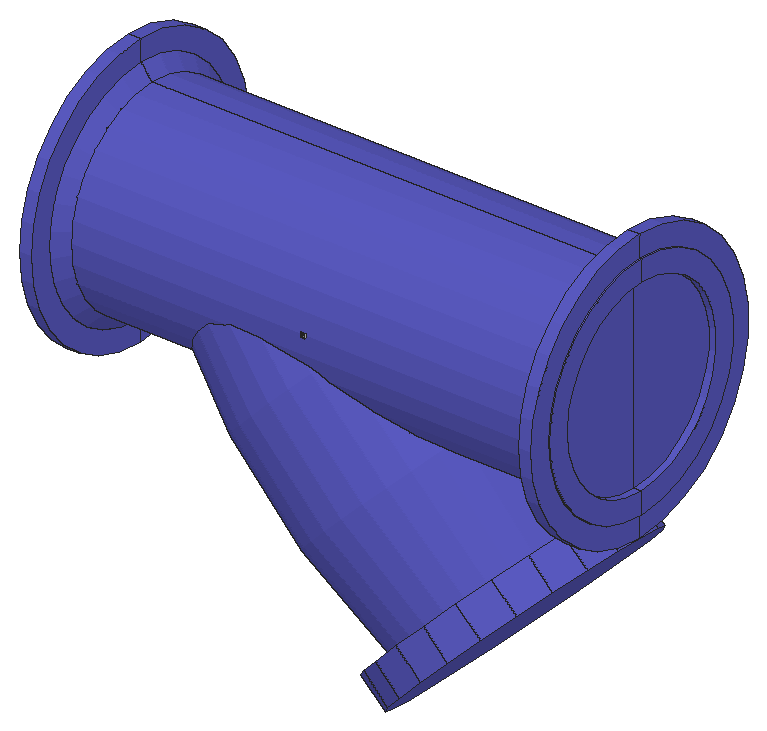
Revit family "Фильтр-грязевик 4111", category Rohrzubehör, Revit 2021
Family settings
  Bemaßung runder Anschluss = Durchmesser verwenden
  Teiletyp = Unterbricht
  OmniClass-Nummer = 23.65.55.14
  OmniClass-Titel = Valves for Liquid Services
  Arbeitsebenenbasiert = Nein
  Immer vertikal = Ja
  Beim Laden mit Abzugskörper schneiden = Nein
  Gemeinsam genutzt = Nein
Parameters
  Уплотнения = "Klingerit"  # constant formula
  Среда = "Качество теплоносителя в соответствии с ÖNORM H5195 и/или предписаниями VDI-Standard 2035.\r\nРазрешается использование смеси этилен или пропиленгликоля в соотношении 25-50% с водой."
  Область применения = "Применяются в системах тепло- и холодоснабжения."
  Номер заказа [instance] = size_lookup("4111_F_", "Artnr", 0, Nennweite)  # 4411190
  Мин. рабочая температура = -10 °C  # constant formula
  Макс. рабочая температура = 120 °C  # constant formula
  Корпус = "GG25"  # constant formula
  Вес [instance] = size_lookup("4111_F_", "Gew", 0, Nennweite)  # 505
  Болты [instance] = if(Nennweite = 50.000 mm, "4x M16x60", if(Nennweite = 65.000 mm, "4x M16x60", if(Nennweite = 80.000 mm, "8x M16x65", if(Nennweite = 100.000 mm, "8x M16x65", if(Nennweite = 125.000 mm, "8x M16x70", if(Nennweite = 150.000 mm, "8x M20x70", if(Nennweite = 200.000 mm, "12x M20x75", if(Nennweite = 250.000 mm, "12x M24x85", if(Nennweite = 300.000 mm, "12x M24x85", if(Nennweite = 350.000 mm, "16x M24x90", "16x M27x100"))))))))))  # "16x M27x100"
  Vorgabe-Ansicht = 0.000 mm
  PN = 1600000.0 Pa  # constant formula
  kvs [instance] = if(Nennweite = 50.000 mm, 51, if(Nennweite = 65.000 mm, 70, if(Nennweite = 80.000 mm, 114, if(Nennweite = 100.000 mm, 197, if(Nennweite = 125.000 mm, 271, if(Nennweite = 150.000 mm, 349, if(Nennweite = 200.000 mm, 449, if(Nennweite = 250.000 mm, 994, if(Nennweite = 300.000 mm, 1566, if(Nennweite = 350.000 mm, 2461, 3645))))))))))  # 3645
  Крепление фильтрующего элемента = "Нержавеющая сталь"  # constant formula
  W02 = 45.00°  # constant formula
  W01 = 140.00°  # constant formula
  Уплотнение заглушки = "Медь"  # constant formula
  Заглушка = "Сталь St37"  # constant formula
  URL = "www.herz-armaturen.ru"
  SCRNSEQ = "AWI;AWI_TYP=\"1011\";2"
  SCRNCODE = "05;15;02"  # constant formula
  S01 [instance] = 2 * FLD01  # 580.000 mm
  R02 [instance] = size_lookup("4111_F_", "R2", 1.000 mm, Nennweite)  # 221.000 mm
  R01 [instance] = size_lookup("4111_F_", "R1", 1.000 mm, Nennweite)  # 250.000 mm
  Nennweite [instance] = 400.000 mm
  L02 [instance] = size_lookup("4111_F_", "L2", 1.000 mm, Nennweite)  # 301.000 mm
  Hersteller = "HERZ Armaturen Ges.m.b.H."  # constant formula
  L01 [instance] = size_lookup("4111_F_", "L1", 1.000 mm, Nennweite)  # 550.000 mm
  H01 [instance] = size_lookup("4111_F_", "H1", 1.000 mm, Nennweite)  # 479.500 mm
  Фильтрующий элемент (DN50-DN80) = "AISI 304, размер ячейки 600 мкм"  # constant formula
  Фильтрующий элемент (DN100-DN400) = "AISI 304, размер ячейки 1500 мкм"  # constant formula
  FLL02 [instance] = size_lookup("4111_F_", "FLL2", 1.000 mm, Nennweite)  # 30.000 mm
  FLL01 [instance] = size_lookup("4111_F_", "FLL1", 1.000 mm, Nennweite)  # 4.000 mm
  FLD02 [instance] = size_lookup("4111_F_", "FLD2", 1.000 mm, Nennweite)  # 245.000 mm
  FLD01 [instance] = size_lookup("4111_F_", "FLD1", 1.000 mm, Nennweite)  # 290.000 mm
  DN80 [instance] = Nennweite = 80.000 mm  # no
  DN65 [instance] = Nennweite = 65.000 mm  # no
  DN50 [instance] = Nennweite = 50.000 mm  # no
  DN400 [instance] = Nennweite = 400.000 mm  # yes
  DN350 [instance] = Nennweite = 350.000 mm  # no
  DN300 [instance] = Nennweite = 300.000 mm  # no
  DN250 [instance] = Nennweite = 250.000 mm  # no
  DN200 [instance] = Nennweite = 200.000 mm  # no
  DN150 [instance] = Nennweite = 150.000 mm  # no
  DN125 [instance] = Nennweite = 125.000 mm  # no
  DN100 [instance] = Nennweite = 100.000 mm  # no
  DN [instance] = Nennweite / 2  # 200.000 mm
  D01 [instance] = size_lookup("4111_F_", "D1", 1.000 mm, Nennweite)  # 216.000 mm
  Крышка = "GG25"  # constant formula
Reference planes
  plane 1 "Mitte (Vorne/hinten)": y = 0
  plane 2: z = 0
  plane 3 "Mitte (Links/rechts)": x = 0
Forms (mm)
  Revolve 1, solid, material "Herz-Marineblau", detail levels fine
    sketch origin (0, 0, 0) x (1, 0, 0) y (0, 0, 1)
      loop
        line (-546, 245) -> (-550, 245) -> (-550, 200) -> (-533.79, 200) -> (-533.79, 0) -> (533.79, 0) -> (533.79, 200) -> (550, 200) -> (550, 245) -> (546, 245) -> (546, 290) -> (520, 290) -> (520, 234.5) -> (504.477, 216) -> (-495.666, 216) -> (-520, 245) -> (-520, 290) -> (-546, 290) -> (-546, 245)
      axis (-550, 0) -> (550, 0)
    angle from 0 to 360
  Revolve 2, solid, material "Herz-Marineblau", detail levels fine
    sketch origin (0, 0, 0) x (1, 0, 0) y (0, 0, 1)
      loop
        line (-230.5, 0) -> (-371.921, -141.421)
        arc (-371.921, -141.421) -> (-167.867, -415.168) -> (92.729, -635.771) r 1502.314
        line (92.729, -635.771) -> (249, -479.5) -> (-230.5, 0)
      axis (-230.5, 0) -> (249, -479.5)
    angle from 0 to 360
  Extrusion 3, solid, material "Herz-Marineblau", visible <- "DN50", detail levels fine
    sketch origin (12, 0, -74) x (0, 1, 0) y (0.707107, 0, 0.707107)
      loop
        arc (50, 40) -> (47.071, 47.071) -> (40, 50) r 10
        line (40, 50) -> (-40, 50)
        arc (-40, 50) -> (-47.071, 47.071) -> (-50, 40) r 10
        line (-50, 40) -> (-50, -40)
        arc (-50, -40) -> (-47.071, -47.071) -> (-40, -50) r 10
        line (-40, -50) -> (40, -50)
        arc (40, -50) -> (47.071, -47.071) -> (50, -40) r 10
        line (50, -40) -> (50, 40)
    from 30.5 to 0
  Extrusion 4, solid, material "Herz-Marineblau", visible <- "DN65", detail levels fine
    sketch origin (17, 0, -102.5) x (0, 1, 0) y (0.707107, 0, 0.707107)
      loop
        line (-60, 40) -> (-60, -40)
        arc (-60, -40) -> (-54.142, -54.142) -> (-40, -60) r 20
        line (-40, -60) -> (40, -60)
        arc (40, -60) -> (54.142, -54.142) -> (60, -40) r 20
        line (60, -40) -> (60, 40)
        arc (60, 40) -> (54.142, 54.142) -> (40, 60) r 20
        line (40, 60) -> (-40, 60)
        arc (-40, 60) -> (-54.142, 54.142) -> (-60, 40) r 20
    from 33 to 0
  Extrusion 5, solid, material "Herz-Marineblau", visible <- "DN80", detail levels fine
    sketch origin (44, 0, -118) x (0, 1, 0) y (0.707107, 0, 0.707107)
      loop
        line (-67, 47) -> (-67, -47)
        arc (-67, -47) -> (-61.142, -61.142) -> (-47, -67) r 20
        line (-47, -67) -> (47, -67)
        arc (47, -67) -> (61.142, -61.142) -> (67, -47) r 20
        line (67, -47) -> (67, 47)
        arc (67, 47) -> (61.142, 61.142) -> (47, 67) r 20
        line (47, 67) -> (-47, 67)
        arc (-47, 67) -> (-61.142, 61.142) -> (-67, 47) r 20
    from 34 to 0
  Extrusion 6, solid, material "Herz-Marineblau", visible <- "DN100", detail levels fine
    sketch origin (43, -449.258, -142) x (0, 1, 0) y (0.707107, 0, 0.707107)
      loop
        line (544.008, 0) -> (531.314, 47.375) -> (496.633, 82.056) -> (449.258, 94.75) -> (401.883, 82.056) -> (367.203, 47.375) -> (354.508, 0) -> (367.203, -47.375) -> (401.883, -82.056) -> (449.258, -94.75) -> (496.633, -82.056) -> (531.314, -47.375) -> (544.008, 0)
    from 35.5 to 0
  Extrusion 7, solid, material "Herz-Marineblau", visible <- "DN125", detail levels fine
    sketch origin (54, -422.813, -170) x (0, 1, 0) y (0.707107, 0, 0.707107)
      loop
        line (535.313, 0) -> (520.241, 56.25) -> (479.063, 97.428) -> (422.813, 112.5) -> (366.563, 97.428) -> (325.386, 56.25) -> (310.313, 0) -> (325.386, -56.25) -> (366.563, -97.428) -> (422.813, -112.5) -> (479.063, -97.428) -> (520.241, -56.25) -> (535.313, 0)
    from 44.5 to 0
  Extrusion 8, solid, material "Herz-Marineblau", visible <- "DN150", detail levels fine
    sketch origin (61.5, -490.074, -187.5) x (0, 1, 0) y (0.707107, 0, 0.707107)
      loop
        line (621.324, 0) -> (603.739, 65.625) -> (555.699, 113.666) -> (490.074, 131.25) -> (424.449, 113.666) -> (376.408, 65.625) -> (358.824, 0) -> (376.408, -65.625) -> (424.449, -113.666) -> (490.074, -131.25) -> (555.699, -113.666) -> (603.739, -65.625) -> (621.324, 0)
    from 44.7 to 0
  Extrusion 9, solid, material "Herz-Marineblau", visible <- "DN200", detail levels fine
    sketch origin (82, -429.19, -249) x (0, 1, 0) y (0.707107, 0, 0.707107)
      loop
        line (588.19, 0) -> (566.888, 79.5) -> (508.69, 137.698) -> (429.19, 159) -> (349.69, 137.698) -> (291.492, 79.5) -> (270.19, 0) -> (291.492, -79.5) -> (349.69, -137.698) -> (429.19, -159) -> (508.69, -137.698) -> (566.888, -79.5) -> (588.19, 0)
    from 47 to 0
  Extrusion 10, solid, material "Herz-Marineblau", visible <- "DN250", detail levels fine
    sketch origin (109.5, -496.545, -300) x (0, 1, 0) y (0.707107, 0, 0.707107)
      loop
        line (686.545, 0) -> (680.071, 49.176) -> (661.09, 95) -> (630.895, 134.35) -> (591.545, 164.545) -> (545.72, 183.526) -> (496.545, 190) -> (447.369, 183.526) -> (401.545, 164.545) -> (362.194, 134.35) -> (332, 95) -> (313.019, 49.176) -> (306.545, 0) -> (313.019, -49.176) -> (332, -95) -> (362.194, -134.35) -> (401.545, -164.545) -> (447.369, -183.526) -> (496.545, -190) -> (545.72, -183.526) -> (591.545, -164.545) -> (630.895, -134.35) -> (661.09, -95) -> (680.071, -49.176) -> (686.545, 0)
    from 56.5 to 0
  Extrusion 11, solid, material "Herz-Marineblau", visible <- "DN300", detail levels fine
    sketch origin (82, 617.078, -333) x (0, 1, 0) y (0.707107, 0, 0.707107)
      loop
        line (-390.078, 0) -> (-397.813, 58.752) -> (-420.49, 113.5) -> (-456.565, 160.513) -> (-503.578, 196.588) -> (-558.326, 219.265) -> (-617.078, 227) -> (-675.83, 219.265) -> (-730.578, 196.588) -> (-777.591, 160.513) -> (-813.666, 113.5) -> (-836.343, 58.752) -> (-844.078, 0) -> (-836.343, -58.752) -> (-813.666, -113.5) -> (-777.591, -160.513) -> (-730.578, -196.588) -> (-675.83, -219.265) -> (-617.078, -227) -> (-558.326, -219.265) -> (-503.578, -196.588) -> (-456.565, -160.513) -> (-420.49, -113.5) -> (-397.813, -58.752) -> (-390.078, 0)
    from 61 to 0
  Extrusion 12, solid, material "Herz-Marineblau", visible <- "DN350", detail levels fine
    sketch origin (211, 802.601, -476) x (0, 1, 0) y (0.707107, 0, 0.707107)
      loop
        line (-547.601, 0) -> (-556.29, 65.999) -> (-581.764, 127.5) -> (-622.288, 180.312) -> (-675.101, 220.836) -> (-736.602, 246.311) -> (-802.601, 255) -> (-868.6, 246.311) -> (-930.101, 220.836) -> (-982.913, 180.312) -> (-1023.437, 127.5) -> (-1048.912, 65.999) -> (-1057.601, 0) -> (-1048.912, -65.999) -> (-1023.437, -127.5) -> (-982.913, -180.312) -> (-930.101, -220.836) -> (-868.6, -246.311) -> (-802.601, -255) -> (-736.602, -246.311) -> (-675.101, -220.836) -> (-622.288, -180.312) -> (-581.764, -127.5) -> (-556.29, -65.999) -> (-547.601, 0)
    from 73 to 0
  Extrusion 13, solid, material "Herz-Marineblau", visible <- "DN400", detail levels fine
    sketch origin (249, 812.573, -479.5) x (0, 1, 0) y (0.707107, 0, 0.707107)
      loop
        line (-532.573, 0) -> (-542.114, 72.469) -> (-570.086, 140) -> (-614.583, 197.99) -> (-672.573, 242.487) -> (-740.104, 270.459) -> (-812.573, 280) -> (-885.042, 270.459) -> (-952.573, 242.487) -> (-1010.563, 197.99) -> (-1055.06, 140) -> (-1083.032, 72.469) -> (-1092.573, 0) -> (-1083.032, -72.469) -> (-1055.06, -140) -> (-1010.563, -197.99) -> (-952.573, -242.487) -> (-885.042, -270.459) -> (-812.573, -280) -> (-740.104, -270.459) -> (-672.573, -242.487) -> (-614.583, -197.99) -> (-570.086, -140) -> (-542.114, -72.469) -> (-532.573, 0)
    from 74 to 0
Lines and regions (mm)
  model lines, detail levels coarse+medium
    curve 1: line (-550, 0, 290) -> (550, 0, 290)
    curve 2: line (-550, 0, -290) -> (-550, 0, 290)
    curve 3: line (550, 0, -290) -> (-550, 0, -290)
    curve 4: line (550, 0, 290) -> (550, 0, -290)
    curve 5: line (550, 0, -290) -> (-550, 0, 290)
    curve 6: line (-550, 290, 0) -> (550, 290, 0)
    curve 7: line (-550, -290, 0) -> (-550, 290, 0)
    curve 8: line (550, -290, 0) -> (-550, -290, 0)
    curve 9: line (550, 290, 0) -> (550, -290, 0)
    curve 10: line (550, -290, 0) -> (-550, 290, 0)
Dimensions and locks
  "FLD01": Revolve 1 sketch curve to plane 2  (x2)
  "FLD02": Revolve 1 sketch curve to plane 2  (x3)
  "DN": Revolve 1 sketch curve to plane 2  (x2)
  "L01": Revolve 1 sketch curve to plane 3 "Mitte (Links/rechts)"  (x2)
  "FLL01": Revolve 1 sketch curve to Revolve 1 sketch curve  (x2)
  "FLL02": Revolve 1 sketch curve to Revolve 1 sketch curve  (x2)
  "D01": Revolve 1 sketch curve to plane 2  (x2)
  "H01": plane 2 to Revolve 2 sketch curve
  "L02": Revolve 2 sketch curve to Revolve 1
  "R02": Revolve 2 sketch curve to Revolve 2 sketch curve
  "DN": Revolve 2 sketch curve to Revolve 2 sketch curve
  "D01": nested 1 to plane 1 "Mitte (Vorne/hinten)"
  "L01": plane 3 "Mitte (Links/rechts)" to curve 2
  "L01": plane 3 "Mitte (Links/rechts)" to curve 4
  equal spacing: curve 5, plane 2, curve 3
  "S01": curve 1 to curve 3
  equal spacing: curve 8, plane 1 "Mitte (Vorne/hinten)", curve 6
  "S01": curve 8 to curve 6
  "L01": curve 7 to plane 3 "Mitte (Links/rechts)"
  "L01": plane 3 "Mitte (Links/rechts)" to curve 9
  "R01": Revolve 2 sketch curve to Revolve 2 sketch curve
  "W01": angle Revolve 1 sketch curve to Revolve 1 sketch curve  (x2)
  "W02": angle Revolve 2 sketch curve to plane 2
  aligned and locked: level to plane 2
Automatic sketch dimensions
  plane 1 "Mitte (Vorne/hinten)" to Extrusion 3 sketch curve = 50.000 mm
  Extrusion 3 sketch curve to Extrusion 3 sketch curve = 10.000 mm  (x3)
  Extrusion 3 sketch curve to plane 1 "Mitte (Vorne/hinten)" = 40.000 mm  (x2)
  Extrusion 3 sketch curve to Extrusion 3 sketch curve = 80.000 mm
  plane 1 "Mitte (Vorne/hinten)" to Extrusion 4 sketch curve = 60.000 mm
  Extrusion 4 sketch curve to Extrusion 4 sketch curve = 20.000 mm  (x3)
  Extrusion 4 sketch curve to plane 1 "Mitte (Vorne/hinten)" = 40.000 mm  (x2)
  Extrusion 4 sketch curve to Extrusion 4 sketch curve = 80.000 mm
  plane 1 "Mitte (Vorne/hinten)" to Extrusion 5 sketch curve = 67.000 mm
  Extrusion 5 sketch curve to Extrusion 5 sketch curve = 20.000 mm  (x3)
  Extrusion 5 sketch curve to plane 1 "Mitte (Vorne/hinten)" = 47.000 mm  (x2)
  Extrusion 5 sketch curve to Extrusion 5 sketch curve = 94.000 mm
  Extrusion 6 sketch curve to plane 1 "Mitte (Vorne/hinten)" = 0.000 mm  (x2)
  plane 1 "Mitte (Vorne/hinten)" to Extrusion 6 sketch curve = 47.375 mm  (x2)
  Extrusion 6 sketch curve to Extrusion 6 sketch curve = 34.681 mm  (x8)
  Extrusion 6 sketch curve to Extrusion 6 sketch curve = 12.694 mm  (x5)
  Extrusion 6 sketch curve to plane 1 "Mitte (Vorne/hinten)" = 47.375 mm  (x2)
  Extrusion 6 sketch curve to Extrusion 6 sketch curve = 47.375 mm  (x4)
  Extrusion 7 sketch curve to plane 1 "Mitte (Vorne/hinten)" = 0.000 mm  (x2)
  plane 1 "Mitte (Vorne/hinten)" to Extrusion 7 sketch curve = 56.250 mm  (x2)
  Extrusion 7 sketch curve to Extrusion 7 sketch curve = 41.178 mm  (x8)
  Extrusion 7 sketch curve to Extrusion 7 sketch curve = 15.072 mm  (x5)
  Extrusion 7 sketch curve to plane 1 "Mitte (Vorne/hinten)" = 56.250 mm  (x2)
  Extrusion 7 sketch curve to Extrusion 7 sketch curve = 56.250 mm  (x4)
  Extrusion 8 sketch curve to plane 1 "Mitte (Vorne/hinten)" = 0.000 mm  (x2)
  plane 1 "Mitte (Vorne/hinten)" to Extrusion 8 sketch curve = 65.625 mm  (x2)
  Extrusion 8 sketch curve to Extrusion 8 sketch curve = 48.041 mm  (x8)
  Extrusion 8 sketch curve to Extrusion 8 sketch curve = 17.584 mm  (x5)
  Extrusion 8 sketch curve to plane 1 "Mitte (Vorne/hinten)" = 65.625 mm  (x2)
  Extrusion 8 sketch curve to Extrusion 8 sketch curve = 65.625 mm  (x4)
  Extrusion 9 sketch curve to plane 1 "Mitte (Vorne/hinten)" = 0.000 mm  (x2)
  plane 1 "Mitte (Vorne/hinten)" to Extrusion 9 sketch curve = 79.500 mm  (x2)
  Extrusion 9 sketch curve to Extrusion 9 sketch curve = 58.198 mm  (x8)
  Extrusion 9 sketch curve to Extrusion 9 sketch curve = 21.302 mm  (x5)
  Extrusion 9 sketch curve to plane 1 "Mitte (Vorne/hinten)" = 79.500 mm  (x2)
  Extrusion 9 sketch curve to Extrusion 9 sketch curve = 79.500 mm  (x4)
  Extrusion 10 sketch curve to plane 1 "Mitte (Vorne/hinten)" = 0.000 mm  (x2)
  plane 1 "Mitte (Vorne/hinten)" to Extrusion 10 sketch curve = 49.176 mm  (x2)
  Extrusion 10 sketch curve to Extrusion 10 sketch curve = 45.824 mm  (x8)
  Extrusion 10 sketch curve to Extrusion 10 sketch curve = 39.350 mm  (x8)
  Extrusion 10 sketch curve to Extrusion 10 sketch curve = 30.195 mm  (x8)
  Extrusion 10 sketch curve to Extrusion 10 sketch curve = 18.981 mm  (x8)
  Extrusion 10 sketch curve to Extrusion 10 sketch curve = 6.474 mm  (x5)
  Extrusion 10 sketch curve to plane 1 "Mitte (Vorne/hinten)" = 49.176 mm  (x2)
  Extrusion 10 sketch curve to Extrusion 10 sketch curve = 49.176 mm  (x4)
  Extrusion 11 sketch curve to plane 1 "Mitte (Vorne/hinten)" = 0.000 mm  (x2)
  plane 1 "Mitte (Vorne/hinten)" to Extrusion 11 sketch curve = 58.752 mm  (x2)
  Extrusion 11 sketch curve to Extrusion 11 sketch curve = 54.748 mm  (x8)
  Extrusion 11 sketch curve to Extrusion 11 sketch curve = 47.013 mm  (x8)
  Extrusion 11 sketch curve to Extrusion 11 sketch curve = 36.075 mm  (x8)
  Extrusion 11 sketch curve to Extrusion 11 sketch curve = 22.677 mm  (x8)
  Extrusion 11 sketch curve to Extrusion 11 sketch curve = 7.735 mm  (x5)
  Extrusion 11 sketch curve to plane 1 "Mitte (Vorne/hinten)" = 58.752 mm  (x2)
  Extrusion 11 sketch curve to Extrusion 11 sketch curve = 58.752 mm  (x4)
  Extrusion 12 sketch curve to plane 1 "Mitte (Vorne/hinten)" = 0.000 mm  (x2)
  plane 1 "Mitte (Vorne/hinten)" to Extrusion 12 sketch curve = 65.999 mm  (x2)
  Extrusion 12 sketch curve to Extrusion 12 sketch curve = 61.501 mm  (x8)
  Extrusion 12 sketch curve to Extrusion 12 sketch curve = 52.812 mm  (x8)
  Extrusion 12 sketch curve to Extrusion 12 sketch curve = 40.524 mm  (x8)
  Extrusion 12 sketch curve to Extrusion 12 sketch curve = 25.475 mm  (x8)
  Extrusion 12 sketch curve to Extrusion 12 sketch curve = 8.689 mm  (x5)
  Extrusion 12 sketch curve to plane 1 "Mitte (Vorne/hinten)" = 65.999 mm  (x2)
  Extrusion 12 sketch curve to Extrusion 12 sketch curve = 65.999 mm  (x4)
  Extrusion 13 sketch curve to plane 1 "Mitte (Vorne/hinten)" = 0.000 mm  (x2)
  plane 1 "Mitte (Vorne/hinten)" to Extrusion 13 sketch curve = 72.469 mm  (x2)
  Extrusion 13 sketch curve to Extrusion 13 sketch curve = 67.531 mm  (x8)
  Extrusion 13 sketch curve to Extrusion 13 sketch curve = 57.990 mm  (x8)
  Extrusion 13 sketch curve to Extrusion 13 sketch curve = 44.497 mm  (x8)
  Extrusion 13 sketch curve to Extrusion 13 sketch curve = 27.972 mm  (x8)
  Extrusion 13 sketch curve to Extrusion 13 sketch curve = 9.541 mm  (x5)
  Extrusion 13 sketch curve to plane 1 "Mitte (Vorne/hinten)" = 72.469 mm  (x2)
  Extrusion 13 sketch curve to Extrusion 13 sketch curve = 72.469 mm  (x4)
  Revolve 1 sketch curve to level = 0.000 mm  (x2)
  Revolve 1 sketch curve to Revolve 1 sketch curve = 16.210 mm  (x2)
  Revolve 1 sketch curve to Revolve 1 sketch curve = 15.523 mm
  Revolve 1 sketch curve to Revolve 1 sketch curve = 1391.530 mm
  Revolve 1 sketch curve to Revolve 1 sketch curve = 1724.148 mm
  Revolve 2 sketch curve to level = 0.000 mm  (x2)
  Revolve 2 sketch curve to Revolve 2 sketch curve = 0.000 mm  (x3)
Nested families
  nested 1: "Herz-Logo-vorne" at (0, -216, 0) x (0, -1, 0) z (0, 0, 1), type "Herz-Logo-vorne", detail levels fine
Connectors
  piping at (-550, 0, 0), diameter 400, driven by "Nennweite"
    settings: on Revolve 1, index 1, connector inside diameter 609.6 mm, connector length 0.000 mm, flow factor 0, pipe flow 0.0 L/s, pressure drop 0.0 Pa, fitting loss kfactor 0, connector angle 0.00°, fixture units 0, engagement length 0.000 mm, angle of deflection 0.00°, flow configuration 0, flow direction 1, fitting loss method 0, system type 29, joint type 0, gender type 0, connector reference index -1, connector utility 0, adjustable connector no, is connector primary yes, connector description ""
  piping at (550, 0, 0), diameter 400, driven by "Nennweite"
    settings: on Revolve 1, index 2, connector inside diameter 609.6 mm, connector length 0.000 mm, flow factor 0, pipe flow 0.0 L/s, pressure drop 0.0 Pa, fitting loss kfactor 0, connector angle 0.00°, fixture units 0, engagement length 0.000 mm, angle of deflection 0.00°, flow configuration 0, flow direction 2, fitting loss method 0, system type 29, joint type 0, gender type 0, connector reference index -1, connector utility 0, adjustable connector no, is connector primary no, connector description ""
Definition of nested family "Herz-Logo-vorne"
  Parameters (values of type "Herz-Logo-vorne")
    Default Elevation = 0.000 mm
  Reference planes
    plane 1 "Mitte (Vorne/hinten)": y = 0
    plane 2: z = 0
    plane 3 "Mitte (Links/rechts)": x = 0
  Forms (mm)
    Extrusion 1, solid
      sketch origin (0.732, -0.018, 0.017) x (0, -1, 0) y (0, 0, 1)
        loop
          line (-0.018, -4.517) -> (4.482, -4.517) -> (4.482, 4.483) -> (-4.518, 4.483) -> (-4.518, -4.517) -> (-0.018, -4.517)
        loop
          line (-0.05, -3.48) -> (3.482, -3.48) -> (3.482, 3.483) -> (-3.518, 3.483) -> (-3.518, -3.48) -> (-0.05, -3.48)
        loop
          arc (-0.018, 2.383) -> (-1.543, 3.287) -> (-3.067, 2.383) r 1.738
          arc (-3.067, 2.383) -> (-3.191, 1.899) -> (-3.067, 1.415) r 1.009
          line (-3.067, 1.415) -> (-0.018, -3.281) -> (3.032, 1.415)
          arc (3.032, 1.415) -> (3.156, 1.899) -> (3.032, 2.383) r 1.009
          arc (3.032, 2.383) -> (1.507, 3.287) -> (-0.018, 2.383) r 1.738
        loop
          arc (1.885, 1.272) -> (2.005, 1.675) -> (1.885, 2.079) r 0.74
          arc (1.885, 2.079) -> (1.265, 2.416) -> (0.644, 2.079) r 0.74
          line (0.644, 2.079) -> (-0.018, 0.97) -> (-0.679, 2.079)
          arc (-0.679, 2.079) -> (-1.3, 2.416) -> (-1.921, 2.079) r 0.74
          arc (-1.921, 2.079) -> (-2.04, 1.675) -> (-1.921, 1.272) r 0.74
          line (-1.921, 1.272) -> (-0.018, -1.658) -> (1.885, 1.272)
      from 0 to 1.5
  Dimensions and locks
    aligned and locked: level to plane 2
